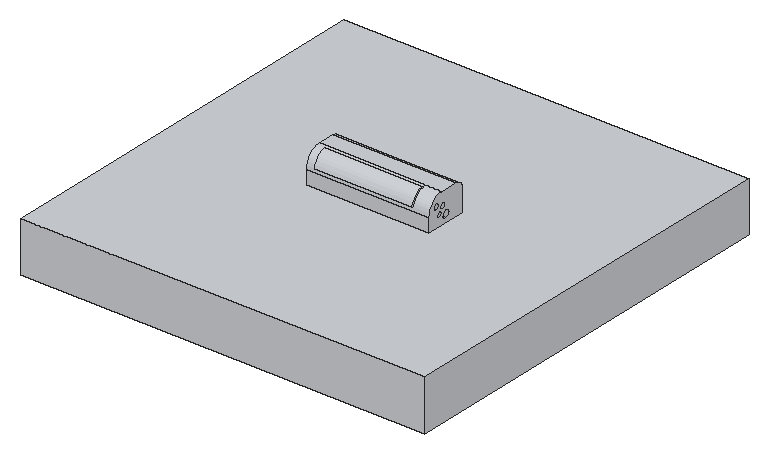
Revit family "Condicionador de Ar - Sistema Split - Hospedado - 9-30 kBtu", category Equipamento mecânico, Revit 2019
Family settings
  Hospedeiro = Face
  Cota do conector redondo = Usar raio
  Tipo de parte = Normal
  Corte com vazios quando carregada = Não
  Compartilhado = Não
  Ponto de cálculo do ambiente = Não
Parameters (values of type "Padrão")
  Largura = 180 mm
  Voltagem = 0 V
  Número de pólos = 1
  Classificação de carga = Refrigeração
  Comprimento = 740 mm
  Raio da drenagem = 11 mm
  Fluxo da drenagem [instance] = 0 GPM
  Diâmetro da drenagem = Raio da drenagem * 2  # 22 mm
  Raio DX de saída = 14 mm
  Diâmetro DX de saída = Raio DX de saída * 2  # 28 mm
  Raio DX de entrada = 14 mm
  Altura = 250 mm
  Default Elevation = 1219.2 mm
  Diâmetro DX de entrada = Raio DX de entrada * 2  # 28 mm
  Fluxo DX [instance] = 0 GPM
  Capacidade de refrigeração = 0 Btu/h
  Carga aparente = 0 VA
  Material do ar condicionado = none
Reference planes
  plane 1 "Centro (Frente/Trás)": y = 0
  plane 2 "Parte posterior": z = 0
  plane 3 "Centro (Esquerda/Direita)": x = 0
  plane 4 "Parte frontal": z = 180
  plane 5 "Esquerda": x = -370
  plane 6 "Direita": x = 370
  plane 7 "Superior": y = 125
  plane 8 "Inferior": y = -125
  plane 9 "Centro (Superior/Inferior)": z = 90
  plane 10 "Conexões cl": z = 90
  plane 11 "parte inferior da grelha de retorno": y = -25
  plane 12 "topo da grelha de retorno": y = 75
  plane 13 "esquerda da grelha de suprimento": x = -320
  plane 14 "direita da grelha de suprimento": x = 270
Forms (mm)
  Extrusion 1, solid
    sketch origin (0, 0, 0) x (1, 0, 0) y (0, 1, 0)
      loop
        line (-1219.2, 1219.2) -> (-1219.2, -1219.2) -> (1219.2, -1219.2) -> (1219.2, 1219.2) -> (-1219.2, 1219.2)
    from 0 to -304.8
  Extrusion 2, solid, material <- "Material do ar condicionado"
    sketch origin (0, 0, 0) x (0, 1, 0) y (0, 0, 1)
      loop
        line (-125, 80) -> (-125, 0) -> (125, 0) -> (125, 130)
        arc (125, 130) -> (110.355, 165.355) -> (75, 180) r 50
        line (75, 180) -> (-25, 180)
        arc (-25, 180) -> (-95.711, 150.711) -> (-125, 80) r 100
    from -370 to 370
  Extrusion 3, solid, material <- "Material do ar condicionado"
    sketch origin (370, 0, 0) x (0, 0, 1) y (0, 1, 0)
      loop
        circle (118, -75) r 14
      loop
        circle (104, -25) r 14
      loop
        circle (68, -50) r 11
      loop
        circle (50, 0) r 20
    from 0 to 45
  Extrusion 4, solid, material <- "Material do ar condicionado"
    sketch origin (0, 0, 0) x (0, 1, 0) y (0, 0, 1)
      loop
        arc (-121.752, 105.28) -> (-95.516, 150.904) -> (-49.749, 176.889) r 100
        line (-49.749, 176.889) -> (-49.749, 182.042)
        arc (-49.749, 182.042) -> (-99.053, 154.439) -> (-126.911, 105.28) r 105
        line (-126.911, 105.28) -> (-121.752, 105.28)
    from -320 to 270
Lines and regions (mm)
  model lines
    curve 1: line (-370, -25, 180) -> (370, -25, 180)
    curve 2: line (-370, 75, 180) -> (370, 75, 180)
    curve 3: line (-370, 58.333, 180) -> (370, 58.333, 180)
    curve 4: line (-370, 41.667, 180) -> (370, 41.667, 180)
    curve 5: line (-370, 25, 180) -> (370, 25, 180)
    curve 6: line (-370, 8.333, 180) -> (370, 8.333, 180)
    curve 7: line (-370, -8.333, 180) -> (370, -8.333, 180)
Dimensions and locks
  equal spacing: plane 4 "Parte frontal", plane 9 "Centro (Superior/Inferior)", plane 2 "Parte posterior"
  equal spacing: plane 7 "Superior", plane 1 "Centro (Frente/Trás)", plane 8 "Inferior"
  "Altura": plane 7 "Superior" to plane 8 "Inferior"
  equal spacing: plane 5 "Esquerda", plane 3 "Centro (Esquerda/Direita)", plane 6 "Direita"
  "Comprimento": plane 5 "Esquerda" to plane 6 "Direita"
  "Largura": plane 4 "Parte frontal" to plane 2 "Parte posterior"
  locked: plane 8 "Inferior" to Extrusion 3 sketch curve at 50
  "Diâmetro DX de entrada": Extrusion 3 sketch curve to plane 10 "Conexões cl"
  locked: plane 8 "Inferior" to Extrusion 3 sketch curve at 100
  "Raio DX de saída": Extrusion 3 sketch curve to plane 10 "Conexões cl"
  locked: plane 8 "Inferior" to Extrusion 3 sketch curve at 75
  "Diâmetro da drenagem": plane 10 "Conexões cl" to Extrusion 3 sketch curve
  locked: Extrusion 3 sketch curve to plane 2 "Parte posterior" at 50
  locked: plane 11 "parte inferior da grelha de retorno" to plane 8 "Inferior" at 100
  locked: plane 7 "Superior" to plane 12 "topo da grelha de retorno" at 50
  equal spacing: curve 1, curve 7, curve 6, curve 5, curve 4, curve 3, curve 2
  locked: plane 14 "direita da grelha de suprimento" to plane 6 "Direita" at 100
  locked: plane 5 "Esquerda" to plane 13 "esquerda da grelha de suprimento" at 50
  locked: plane 4 "Parte frontal" to Extrusion 4 sketch curve at 100  (x2)
  locked: plane 8 "Inferior" to Extrusion 4 sketch curve at 100  (x2)
  locked: plane 8 "Inferior" to Extrusion 4 sketch curve at 75.251
  locked: Extrusion 4 sketch curve to plane 4 "Parte frontal" at 74.72
  "Raio DX de entrada": radius of Extrusion 3 sketch curve
  "Raio DX de saída": radius of Extrusion 3 sketch curve
  "Raio da drenagem": radius of Extrusion 3 sketch curve
  radius of Extrusion 3 sketch curve = 20 mm
  radius of Extrusion 2 sketch curve = 100 mm
  radius of Extrusion 2 sketch curve = 50 mm
  radius of Extrusion 4 sketch curve = 100 mm
  aligned and locked: plane 2 "Parte posterior" to Extrusion 1
  aligned and locked: level to Extrusion 1
  aligned and locked: plane 8 "Inferior" to Extrusion 2 sketch curve
  aligned and locked: plane 7 "Superior" to Extrusion 2 sketch curve
  aligned and locked: Extrusion 2 sketch curve to plane 4 "Parte frontal"
  aligned and locked: Extrusion 2 to plane 6 "Direita"
  aligned and locked: Extrusion 2 to plane 5 "Esquerda"
  aligned and locked: plane 5 "Esquerda" to curve 1
  aligned and locked: plane 5 "Esquerda" to curve 2
  aligned and locked: plane 6 "Direita" to curve 1
  aligned and locked: plane 6 "Direita" to curve 2
  aligned and locked: plane 1 "Centro (Frente/Trás)" to Extrusion 3 sketch curve
  aligned and locked: plane 6 "Direita" to Extrusion 3
  aligned and locked: Extrusion 2 to plane 2 "Parte posterior"
  aligned and locked: plane 9 "Centro (Superior/Inferior)" to plane 10 "Conexões cl"
  aligned and locked: plane 11 "parte inferior da grelha de retorno" to curve 1
  aligned and locked: plane 5 "Esquerda" to curve 3
  aligned and locked: plane 5 "Esquerda" to curve 4
  aligned and locked: plane 5 "Esquerda" to curve 5
  aligned and locked: plane 5 "Esquerda" to curve 6
  aligned and locked: plane 5 "Esquerda" to curve 7
  aligned and locked: plane 6 "Direita" to curve 3
  aligned and locked: plane 6 "Direita" to curve 4
  aligned and locked: plane 6 "Direita" to curve 5
  aligned and locked: plane 6 "Direita" to curve 6
  aligned and locked: plane 6 "Direita" to curve 7
  aligned and locked: plane 14 "direita da grelha de suprimento" to Extrusion 4
  aligned and locked: Extrusion 4 to plane 13 "esquerda da grelha de suprimento"
Automatic sketch dimensions
  Extrusion 1 sketch curve to Extrusion 1 sketch curve = 2438.4 mm  (x2)
  plane 12 "topo da grelha de retorno" to curve 2 = 0 mm
  Extrusion 2 sketch curve to level = 0 mm
  plane 8 "Inferior" to Extrusion 4 sketch curve = 1.911 mm
Connectors
  piping at (370, -75, 118), diameter 28, driven by "Fluxo DX", driven by "Raio DX de entrada"
    settings: on Extrusion 3, index 1, connector inside diameter 28 mm, connector length 0 mm, flow factor 0, pipe flow 0 GPM, pressure drop 0.00 psi, fitting loss kfactor 0, connector angle 0.00°, fixture units 0, engagement length 0 mm, angle of deflection 0.00°, flow configuration 1, flow direction 1, fitting loss method 0, system type 22, joint type 0, gender type 0, connector reference index 2, connector utility 0, adjustable connector no, is connector primary yes, connector description "Entrada do refrigerante"
  piping at (370, -25, 104), diameter 28, driven by "Fluxo DX", driven by "Raio DX de saída"
    settings: on Extrusion 3, index 2, connector inside diameter 28 mm, connector length 0 mm, flow factor 0, pipe flow 0 GPM, pressure drop 0.00 psi, fitting loss kfactor 0, connector angle 0.00°, fixture units 0, engagement length 0 mm, angle of deflection 0.00°, flow configuration 1, flow direction 2, fitting loss method 0, system type 22, joint type 0, gender type 0, connector reference index 1, connector utility 0, adjustable connector no, is connector primary no, connector description "Saída do refrigerante"
  piping at (370, -50, 68), diameter 22, driven by "Fluxo da drenagem", driven by "Raio da drenagem"
    settings: on Extrusion 3, index 3, connector inside diameter 22 mm, connector length 0 mm, flow factor 0, pipe flow 0 GPM, pressure drop 0.00 psi, fitting loss kfactor 0, connector angle 0.00°, fixture units 0, engagement length 0 mm, angle of deflection 0.00°, flow configuration 1, flow direction 2, fitting loss method 0, system type 16, joint type 0, gender type 0, connector reference index -1, connector utility 0, adjustable connector yes, is connector primary no, connector description "Saída da drenagem"
  electrical at (370, 0, 50), driven by "Número de pólos", driven by "Classificação de carga", driven by "Voltagem", driven by "Carga aparente"
    settings: on Extrusion 3, index 4, voltage 0 V, apparent load 0 VA, apparent load phase1 0 VA, apparent load phase2 0 VA, apparent load phase3 0 VA, power factor 0.8, load classification "Refrigeração", number of poles 1, system type 30, power factor state 1, is connector primary yes, connector utility no, sub classification motor no, connector description "Potência"
Types in the file's own list only (6): name | Largura | Comprimento | Altura | Elevação-padrão | Capacidade de refrigeração
  9000 Btu/h | 180 mm | 740 mm | 250 mm | 1219 mm | 9000 Btu/h
  12000 Btu/h | 215 mm | 805 mm | 280 mm | 1219 mm | 12000 Btu/h
  18000 Btu/h | 228 mm | 1020 mm | 310 mm | 1219 mm | 18000 Btu/h
  22000 Btu/h | 228 mm | 1020 mm | 310 mm | 1219 mm | 22000 Btu/h
  24000 Btu/h | 227 mm | 1178 mm | 326 mm | 1219 mm | 24000 Btu/h
  30000 Btu/h | 227 mm | 1178 mm | 326 mm | 1219 mm | 30000 Btu/h
